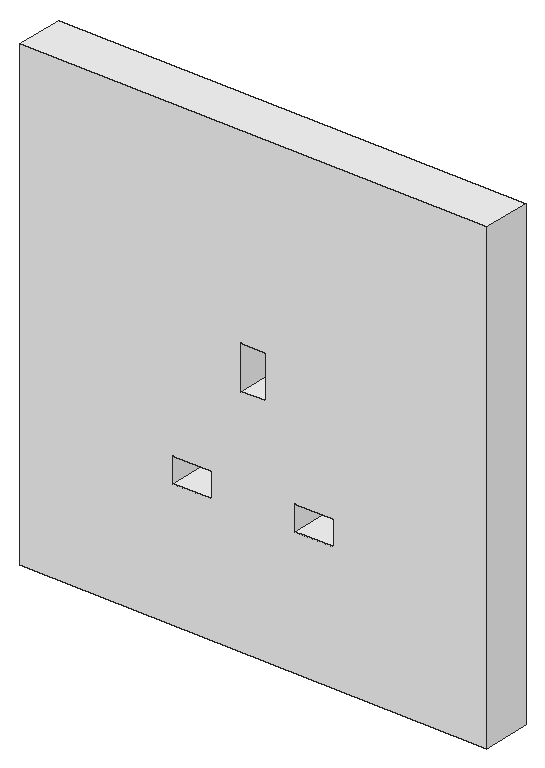
Revit family "Socket Outlet_Single_Vertically Mounted", category Electrical Fixtures, Revit 2014
Parameters (values of type "Switched")
  Symbol_Offset_Maximum [instance] = 2500 mm  # constant formula
  Symbol_Offset_From Wall [instance] = 0 mm
  Symbol_Offset_Calculated [instance] = Symbol_Offset_Maximum - Symbol_Offset_Along Wall  # 2500 mm
  Symbol_Offset_Along Wall [instance] = 0 mm
  Symbol_Surface_Required [instance] = General_Mounting_Surface  # no
  Symbol_Recessed_Required [instance] = not(General_Mounting_Surface)  # yes
  Material = Electrical Fixture Faceplate
  Load Classification = Power
  Identity_Reference [instance] = ""
  Identity_Level [instance] = ""
  General_Weatherproof = no
  General_Associated Equipment [instance] = ""
  Electrical_Voltage = 230 V
  Electrical_Power_Apparent = 0 VA
  Electrical_Power Factor = 1
  Electrical_Number of Poles = 1
  Dimensions_Height_Offset_Insertion [instance] = if(General_Mounting_Method_Top, 0 mm, if(General_Mounting_Method_Middle, Dimensions_Height / 2, if(General_Mounting_Method_Bottom, Dimensions_Height, 0 mm)))  # 43 mm
  Identity_NRM1_Description = "Power Installation"
  Identity_NRM1_Code = "5.8.2.1"
  Identity_Copyright = "Arup"  # constant formula
  Identity_Category = "PO"
  General_Mounting_Surface [instance] = no
  General_Mounting_Method_Top [instance] = no
  General_Mounting_Method_Middle [instance] = yes
  General_Mounting_Method_Bottom [instance] = no
  General_Mounting_Method [instance] = if(General_Mounting_Method_Top, "Top", if(General_Mounting_Method_Middle, "Middle", if(General_Mounting_Method_Bottom, "Bottom", "Top")))  # "Middle"
  General_Location_Underfloor [instance] = yes
  General_Location_Above Ceiling [instance] = no
  Dimensions_Width = 86 mm
  Dimensions_Height_Mounting [instance] = 400 mm
  Dimensions_Height = 86 mm
  Dimensions_Depth_Recessed Backbox [instance] = if(General_Mounting_Surface, 45 mm, 0 mm)  # 0 mm
  Dimensions_Depth_Faceplate = 9 mm
  Dimensions_Depth [instance] = Dimensions_Depth_Faceplate + Dimensions_Depth_Recessed Backbox  # 9 mm
  Description = "Single Switched Socket Outlet"
  Control_Switch_Required = yes
  Component_Outlet_Power_Quantity = 1  # constant formula
  COBie.Type.NominalWidth [instance] = 9 mm
  COBie.Type.NominalLength [instance] = 86 mm
  COBie.Type.NominalHeight [instance] = 86 mm
  COBie.Type.Category = "L7471 : Terminal Devices - Socket Outlets"
Types (4, lengths in mm): name | General_Weatherproof | Description | Control_Switch_Required
  Switched | no | "Single Switched Socket Outlet" | yes
  Switched Weatherproof | yes | "Single Switched Socket Outlet - Weatherproof" | yes
  Unswitched | no | "Single Unswitched Socket Outlet" | no
  Unswitched Weatherproof | yes | "Single Unswitched Socket Outlet - Weatherproof" | no
Reference planes
  plane 1 "Center (Front/Back)": y = 0
  plane 2: z = 0
  plane 3 "Center (Left/Right)": x = 0
  plane 4 "Symbol Offset Along Wall": x = 0
  plane 5: x = 2500
  plane 6 "Symbol Offset From Wall": y = 0
  plane 7: z = 443
  plane 8: z = 400
Dimensions and locks
  "Symbol_Offset_Maximum": plane 3 "Center (Left/Right)" to plane 5
  "Symbol_Offset_Calculated": plane 4 "Symbol Offset Along Wall" to plane 5
  "Dimensions_Height_Offset_Insertion": plane 7 to plane 8
  "Symbol_Offset_From Wall": plane 6 "Symbol Offset From Wall" to plane 1 "Center (Front/Back)"
  "Dimensions_Height_Mounting": plane 8 to level
  "COBie.Type.NominalLength": nested 1 to nested 1
  "COBie.Type.NominalHeight": nested 1 to nested 1
  "COBie.Type.NominalWidth": nested 1 to nested 1
  aligned and locked: level to plane 2
  aligned and locked: plane 4 "Symbol Offset Along Wall" to nested 2
  aligned and locked: nested 2 to plane 6 "Symbol Offset From Wall"
  aligned and locked: nested 3 to plane 6 "Symbol Offset From Wall"
  aligned and locked: plane 4 "Symbol Offset Along Wall" to nested 3
  aligned and locked: plane 7 to nested 1
Nested families
  nested 1: "Single Switched Socket Outlet Geometry" at (0, 0, 400) x (-1, 0, 0) z (0, 1, 0), type "Single Switched Socket Outlet Geometry", detail levels fine
    with Face Depth 9 mm
  nested 2: "Socket Outlet_Single_Recessed_Symbol" at (0, 0, 0), visible <- "Symbol_Recessed_Required", type "Socket Outlet_Single_Recessed_Symbol", detail levels coarse+medium
  nested 3: "Socket Outlet_Single_Surface_Symbol" at (0, 0, 0), visible <- "Symbol_Surface_Required", type "Socket Outlet_Single_Surface_Symbol", detail levels coarse+medium
Connectors
  electrical at (0, 0, 400), driven by "Electrical_Number of Poles", driven by "Load Classification", driven by "Electrical_Voltage", driven by "Electrical_Power_Apparent", driven by "Electrical_Power Factor"
    settings: on nested 1, index 1, voltage 230 V, apparent load 0 VA, apparent load phase1 0 VA, apparent load phase2 0 VA, apparent load phase3 0 VA, power factor 1, load classification "Power", number of poles 1, system type 31, power factor state 1, is connector primary yes, connector utility no, sub classification motor no, connector description "Power"
Definition of nested family "Single Switched Socket Outlet Geometry"
  Parameters (values of type "Single Switched Socket Outlet Geometry")
    Switched = yes
    Switch Material = Electrical Fixture Faceplate
    Faceplate Material = Electrical Fixture Faceplate
    Face Width = 86 mm
    Face Height = 86 mm
    Face Depth = 54 mm
  Reference planes
    plane 1 "Center (Front/Back)": y = 0
    plane 2: z = 0
    plane 3 "Center (Left/Right)": x = 0
    plane 4 "Left Outside": x = -43
    plane 5 "Right Outside": x = 43
    plane 6 "Top Outside": y = 43
    plane 7 "Bottom Outside": y = -43
    plane 8: z = 54
  Forms (mm)
    Extrusion 1, solid, material "Electrical Fixture Faceplate" <- "Faceplate Material"
      sketch origin (0, 0, 0) x (1, 0, 0) y (0, 1, 0)
        loop
          line (-43, 43) -> (-43, -43) -> (43, -43) -> (43, 43) -> (-43, 43)
        loop
          line (2.3, 8) -> (-2.3, 8) -> (-2.3, 0) -> (2.3, 0) -> (2.3, 8)
        loop
          line (-7.7, -15) -> (-14.8, -15) -> (-14.8, -19.6) -> (-7.7, -19.6) -> (-7.7, -15)
        loop
          line (7.7, -15) -> (7.7, -19.6) -> (14.8, -19.6) -> (14.8, -15) -> (7.7, -15)
      from 0 to 54
  Dimensions and locks
    "Face Width": plane 4 "Left Outside" to plane 5 "Right Outside"
    "Face Height": plane 6 "Top Outside" to plane 7 "Bottom Outside"
    equal spacing: plane 4 "Left Outside", plane 3 "Center (Left/Right)", plane 5 "Right Outside"
    equal spacing: plane 6 "Top Outside", plane 1 "Center (Front/Back)", plane 7 "Bottom Outside"
    "Face Depth": plane 8 to plane 2
    locked: plane 3 "Center (Left/Right)" to Extrusion 1 sketch curve at 2.3
    locked: Extrusion 1 sketch curve to plane 3 "Center (Left/Right)" at 2.3
    locked: nested 1 to Extrusion 1 at 10
    locked: Extrusion 1 to nested 1 at 10
    aligned and locked: level to plane 2
    aligned and locked: plane 4 "Left Outside" to Extrusion 1 sketch curve
    aligned and locked: Extrusion 1 sketch curve to plane 6 "Top Outside"
    aligned and locked: plane 7 "Bottom Outside" to Extrusion 1 sketch curve
    aligned and locked: Extrusion 1 sketch curve to plane 5 "Right Outside"
    aligned and locked: plane 8 to nested 1
    aligned and locked: plane 8 to Extrusion 1
  Automatic sketch dimensions
    plane 1 "Center (Front/Back)" to Extrusion 1 sketch curve = 0 mm
    Extrusion 1 sketch curve to Extrusion 1 sketch curve = 7.1 mm  (x2)
    Extrusion 1 sketch curve to Extrusion 1 sketch curve = 5.4 mm
    Extrusion 1 sketch curve to Extrusion 1 sketch curve = 15.4 mm
    plane 1 "Center (Front/Back)" to Extrusion 1 sketch curve = 19.6 mm  (x2)
    Extrusion 1 sketch curve to Extrusion 1 sketch curve = 4.6 mm  (x2)
    Extrusion 1 sketch curve to Extrusion 1 sketch curve = 8 mm
  Nested families
    nested 1: "Switch" at (27, 33, 54) x (-1, 0, 0) z (0, 0, 1), visible <- "Switched", type "Switch"
  Definition of nested family "Switch"
    Parameters (values of type "Switch")
      Material = Electrical Fixture Faceplate
    Reference planes
      plane 1 "Center (Front/Back)": y = 0
      plane 2: z = 0
      plane 3 "Center (Left/Right)": x = 0
    Forms (mm)
      Extrusion 1, solid, material "Electrical Fixture Faceplate" <- "Material"
        sketch origin (0, 0, 0) x (0, 1, 0) y (0, 0, 1)
          loop
            line (0, 0) -> (-25, 5) -> (-25, 0) -> (0, 0)
        from 6 to -6
    Dimensions and locks
      aligned and locked: level to plane 2
Definition of nested family "Socket Outlet_Single_Recessed_Symbol"
  Parameters (values of type "Recessed Socket Outlet Annotation")
    Weatherproof = no
    Underfloor = yes
    Switched = yes
    Outlet Count = 1
    Box Offset = if(Weatherproof, 9 mm, 6.8 mm)  # 6.8 mm
    Above Ceiling = no
  Reference planes
    plane 1: y = 0
    plane 2: x = 0
  Lines and regions (mm)
    Filled region 1, type "Filled region White"
      outline origin (0, 0, 0) x (1, 0, 0) y (0, 1, 0)
        loop
          arc (2.5, 0) -> (0, 2.5) -> (-2.5, 0) r 2.5
          line (-2.5, 0) -> (2.5, 0)
    detail lines, style "Power Socket Detail"
      curve 1: line (0, 2.5, 0) -> (0, 5.5, 0)
    detail lines, style "Power Socket Detail", visible <- "Switched"
      curve 2: circle (0, 3, 0) r 0.5 normal (0, 0, 1)
    detail lines, style "Power Socket Main"
      curve 3: line (-2.5, 0, 0) -> (2.5, 0, 0)
      curve 4: arc (2.5, 0, 0) -> (0, 2.5, 0) -> (-2.5, 0, 0) r 2.5
    reference lines
      curve 5: line (-4.572, 6.8, 0) -> (4.734, 6.8, 0)
      curve 6: line (3.75, 0, 0) -> (3.75, 13.684, 0)
      curve 7: line (-3.75, 0, 0) -> (-3.75, 14.594, 0)
    detail lines, style "Power Socket Detail", visible <- "Above Ceiling"
      curve 8: line (-3.75, 6.8, 0) -> (3.75, 6.8, 0)
      curve 9: line (-3.75, 0, 0) -> (-3.75, 6.8, 0)
      curve 10: line (3.75, 0, 0) -> (-3.75, 0, 0)
      curve 11: line (3.75, 6.8, 0) -> (3.75, 0, 0)
    detail lines, style "Power Socket Detail Hidden", visible <- "Underfloor"
      curve 12: line (-3.75, 6.8, 0) -> (3.75, 6.8, 0)
      curve 13: line (-3.75, 0, 0) -> (-3.75, 6.8, 0)
      curve 14: line (3.75, 0, 0) -> (-3.75, 0, 0)
      curve 15: line (3.75, 6.8, 0) -> (3.75, 0, 0)
  Text (mm)
    label "Label Annotation" at (-0.011, 1.111, 0), shows "Outlet Count"
    text "WP" at (-0.011, 8.627, 0), visible <- "Weatherproof"
  Dimensions and locks
    "Box Offset": plane 1 to curve 5
    aligned and locked: curve 5 to curve 12
  Automatic sketch dimensions
    plane 1 to Filled region 1 sketch curve = 0 mm
    Filled region 1 sketch curve to plane 2 = 2.5 mm
    Filled region 1 sketch curve to plane 2 = 0 mm
    plane 1 to curve 3 = 0 mm
    curve 13 to plane 2 = 3.75 mm
    curve 14 to plane 1 = 0 mm
    curve 4 to plane 2 = 0 mm
    curve 2 to plane 2 = 0 mm
    curve 1 to plane 2 = 0 mm
    curve 9 to curve 3 = 1.25 mm
    plane 2 to curve 8 = 3.75 mm
    curve 1 to plane 1 = 2.5 mm
    curve 1 to curve 2 = 0.5 mm
    curve 2 to curve 1 = 2.5 mm
    plane 1 to curve 7 = 0 mm
    plane 1 to curve 6 = 0 mm
    curve 5 to plane 2 = 4.572 mm
    curve 7 to plane 2 = 3.75 mm
    plane 2 to curve 6 = 3.75 mm
    plane 2 to curve 5 = 4.734 mm
    curve 5 to curve 6 = 6.884 mm
    curve 6 to curve 7 = 0.91 mm
Definition of nested family "Socket Outlet_Single_Surface_Symbol"
  Parameters (values of type "Surface Socket Outlet Annotation")
    Weatherproof = no
    Underfloor = yes
    Switched = yes
    Outlet Count = 1
    Box Offset = if(Weatherproof, 10.5 mm, 8.3 mm)  # 8.3 mm
    Above Ceiling = no
  Reference planes
    plane 1: y = 0
    plane 2: x = 0
  Lines and regions (mm)
    Filled region 1, type "Filled region White"
      outline origin (0, 1.5, 0) x (1, 0, 0) y (0, 1, 0)
        loop
          arc (2.5, 0) -> (0, 2.5) -> (-2.5, 0) r 2.5
          line (-2.5, 0) -> (2.5, 0)
    Filled region 2, type "Filled region White"
      outline origin (0, 0.5, 0) x (1, 0, 0) y (0, 1, 0)
        loop
          line (-2.5, 1) -> (-2.5, -0.5) -> (2.5, -0.5) -> (2.5, 1) -> (-2.5, 1)
    detail lines, style "Power Socket Detail"
      curve 1: line (0, 4, 0) -> (0, 7, 0)
    detail lines, style "Power Socket Detail", visible <- "Switched"
      curve 2: circle (0, 4.5, 0) r 0.5 normal (0, 0, 1)
    detail lines, style "Power Socket Main"
      curve 3: line (-2.5, 1.5, 0) -> (2.5, 1.5, 0)
      curve 4: arc (2.5, 1.5, 0) -> (0, 4, 0) -> (-2.5, 1.5, 0) r 2.5
    reference lines
      curve 5: line (-4.572, 8.3, 0) -> (4.734, 8.3, 0)
      curve 6: line (3.75, 0, 0) -> (3.75, 13.734, 0)
      curve 7: line (-3.75, 0, 0) -> (-3.75, 14.644, 0)
    detail lines, style "Power Socket Detail", visible <- "Above Ceiling"
      curve 8: line (-3.75, 8.3, 0) -> (3.75, 8.3, 0)
      curve 9: line (-3.75, 0, 0) -> (-3.75, 8.3, 0)
      curve 10: line (3.75, 0, 0) -> (-3.75, 0, 0)
      curve 11: line (3.75, 8.3, 0) -> (3.75, 0, 0)
    detail lines, style "Power Socket Detail Hidden", visible <- "Underfloor"
      curve 12: line (-3.75, 8.3, 0) -> (3.75, 8.3, 0)
      curve 13: line (-3.75, 0, 0) -> (-3.75, 8.3, 0)
      curve 14: line (3.75, 0, 0) -> (-3.75, 0, 0)
      curve 15: line (3.75, 8.3, 0) -> (3.75, 0, 0)
  Text (mm)
    label "Label Annotation" at (-0.011, 2.611, 0), shows "Outlet Count"
    text "WP" at (-0.011, 10.127, 0), visible <- "Weatherproof"
  Dimensions and locks
    "Box Offset": plane 1 to curve 5
    aligned and locked: curve 5 to curve 12
  Automatic sketch dimensions
    plane 1 to curve 10 = 0 mm
    curve 8 to plane 2 = 3.75 mm
    curve 3 to plane 1 = 1.5 mm
    curve 4 to plane 2 = 0 mm
    curve 2 to plane 2 = 0 mm
    curve 1 to plane 2 = 0 mm
    curve 9 to curve 3 = 1.25 mm
    plane 2 to curve 8 = 3.75 mm
    curve 4 to curve 1 = 2.5 mm
    curve 1 to curve 2 = 0.5 mm
    curve 2 to curve 1 = 2.5 mm
    Filled region 1 sketch curve to plane 2 = 2.5 mm
    Filled region 1 sketch curve to plane 1 = 1.5 mm
    Filled region 1 sketch curve to plane 2 = 0 mm
    plane 1 to Filled region 2 sketch curve = 0 mm
    Filled region 2 sketch curve to plane 2 = 2.5 mm
    Filled region 2 sketch curve to plane 1 = 1.5 mm
    plane 2 to Filled region 2 sketch curve = 2.5 mm
    plane 1 to curve 7 = 0 mm
    plane 1 to curve 6 = 0 mm
    curve 5 to plane 2 = 4.572 mm
    curve 7 to plane 2 = 3.75 mm
    plane 2 to curve 6 = 3.75 mm
    plane 2 to curve 5 = 4.734 mm
    curve 5 to curve 6 = 5.434 mm
    curve 5 to curve 7 = 6.344 mm
